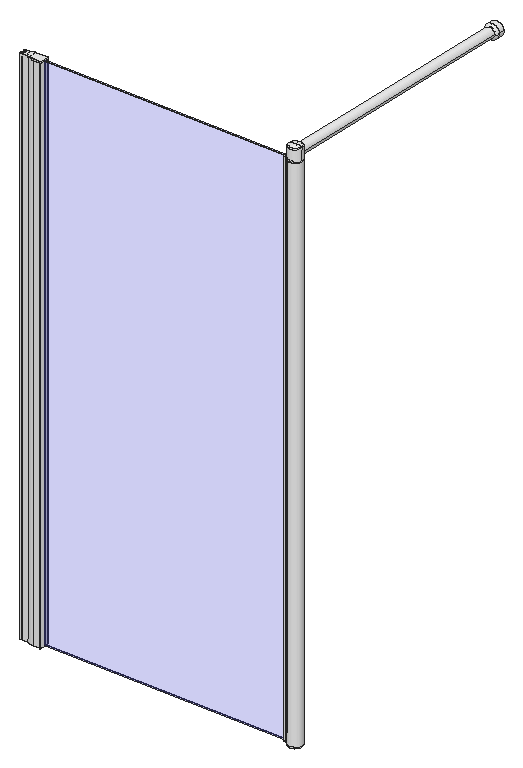
Revit family "FB2H", category Plumbing Fixtures, Revit 2015
Parameters (values of type "800")
  arm length = 740 mm
  URL = "http://www.sanswiss.com/"
  Type Comments = "WALK IN FUN"
  Seal = Seal
  Model = "FB2H"
  Manufacturer = "SanSwiss"
  Glass = Glass
  Chrome = Chrome - Polished
  Aluminium = Aluminum - Polished
  X = 800 mm
Types (4, lengths in mm): name | X
  (no name) | 800
  700 | 700
  800 | 800
  750 | 750
Reference planes
  plane 1 "Center (Front/Back)": y = 0
  plane 2: z = 0
  plane 3 "Center (Left/Right)": x = 0
  plane 4 "left": x = -800
  plane 5: z = 1965.5
  plane 6 "stabiliser": y = 30.169
  plane 7: x = -744.225
  plane 8: z = -534.5
Forms (mm)
  Sweep 1, solid, material "Chrome - Polished" <- "Chrome"
    path origin (0, 0, 0) x (1, 0, 0) y (0, 0, 1)
      loop
        line (0, 1500) -> (0, 1503)
    profile origin (0, 0, 1501.5) x (-1, 0, 0) y (0, -1, 0)
      loop
        circle (18.5, -30.175) r 15
      loop
        line (47.5, -33.964) -> (47.5, -26.375)
        arc (47.5, -26.375) -> (47.262, -25.801) -> (46.689, -25.563) r 0.811
        line (46.689, -25.563) -> (42.965, -25.563)
        arc (42.965, -25.563) -> (38.04, -24.266) -> (34.394, -20.711) r 9.996
        arc (34.394, -20.711) -> (0.064, -30.707) -> (34.869, -38.898) r 18.486
        arc (34.869, -38.898) -> (38.427, -35.862) -> (42.976, -34.775) r 10.007
        line (42.976, -34.775) -> (46.689, -34.775)
        arc (46.689, -34.775) -> (47.263, -34.537) -> (47.5, -33.964) r 0.811
  Sweep 2, solid, material "Aluminum - Polished" <- "Aluminium"
    path origin (0, 0, 0) x (1, 0, 0) y (0, 0, 1)
      loop
        line (-800, 0) -> (-800, 1500)
    profile origin (-800, 0, 750) x (-1, 0, 0) y (0, -1, 0)
      loop
        line (-63.975, -34.016) -> (-63.975, -41.416)
        arc (-63.975, -41.416) -> (-63.536, -42.477) -> (-62.475, -42.916) r 1.5
        line (-62.475, -42.916) -> (-28.801, -42.916)
        arc (-28.801, -42.916) -> (-26.457, -42.632) -> (-24.248, -41.797) r 9.817
        arc (-24.248, -41.797) -> (-24.058, -40.885) -> (-24.863, -40.416) r 0.796
        line (-24.863, -40.416) -> (-24.863, -22.416)
        arc (-24.863, -22.416) -> (-24.071, -21.973) -> (-24.146, -21.069) r 0.838
        arc (-24.146, -21.069) -> (-34.029, -16.855) -> (-44.675, -15.416) r 40.103
        line (-44.675, -15.416) -> (-62.475, -15.416)
        arc (-62.475, -15.416) -> (-63.536, -15.855) -> (-63.975, -16.916) r 1.5
        line (-63.975, -16.916) -> (-63.975, -27.216) -> (-55.775, -27.216) -> (-55.775, -34.016) -> (-63.975, -34.016)
  Sweep 3, solid, material "Chrome - Polished" <- "Chrome"
    path origin (0, 0, 0) x (1, 0, 0) y (0, 0, 1)
      loop
        line (-800, 1503) -> (-800, 1500)
    profile origin (-800, 0, 1501.5) x (0, -1, 0) y (1, 0, 0)
      loop
        line (-42.916, 62.475) -> (-42.916, 28.801)
        arc (-42.916, 28.801) -> (-42.189, 25.116) -> (-40.191, 21.935) r 10.321
        arc (-40.191, 21.935) -> (-30.297, 18.151) -> (-21.312, 23.763) r 11.888
        arc (-21.312, 23.763) -> (-16.918, 33.788) -> (-15.416, 44.63) r 39.876
        line (-15.416, 44.63) -> (-15.416, 62.475)
        arc (-15.416, 62.475) -> (-15.855, 63.536) -> (-16.916, 63.975) r 1.5
        line (-16.916, 63.975) -> (-27.039, 63.975) -> (-41.416, 63.975)
        arc (-41.416, 63.975) -> (-42.477, 63.536) -> (-42.916, 62.475) r 1.5
  Sweep 4, solid, material "Aluminum - Polished" <- "Aluminium"
    path origin (0, 0, 0) x (1, 0, 0) y (0, 0, 1)
      loop
        line (0, 1500) -> (0, 3)
    profile origin (0, 0, 751.5) x (0, -1, 0) y (1, 0, 0)
      loop
        arc (-34.781, -46.694) -> (-33.975, -47.5) -> (-33.17, -46.694) r 0.806
        line (-33.17, -46.694) -> (-33.781, -45.821) -> (-33.292, -45.122) -> (-33.781, -44.422) -> (-33.26, -43.801) -> (-33.781, -43.057) -> (-33.273, -42.451) -> (-33.795, -39.994) -> (-26.496, -39.994) -> (-27.17, -42.506) -> (-26.581, -43.095) -> (-27.055, -43.772) -> (-26.581, -44.449) -> (-27.042, -45.106) -> (-26.581, -45.764) -> (-27.17, -46.706)
        arc (-27.17, -46.706) -> (-26.37, -47.506) -> (-25.57, -46.706) r 0.8
        line (-25.57, -46.706) -> (-25.57, -42.97)
        arc (-25.57, -42.97) -> (-24.273, -38.046) -> (-20.718, -34.399) r 9.996
        arc (-20.718, -34.399) -> (-30.714, -0.069) -> (-38.904, -34.874) r 18.486
        arc (-38.904, -34.874) -> (-35.868, -38.432) -> (-34.781, -42.981) r 10.007
        line (-34.781, -42.981) -> (-34.781, -46.694)
  Sweep 5, solid, material "Chrome - Polished" <- "Chrome"
    path origin (0, 0, 0) x (1, 0, 0) y (0, 0, 1)
      loop
        line (0, 3) -> (0, 0)
    profile origin (0, 0, 1.5) x (0, -1, 0) y (1, 0, 0)
      loop
        circle (-30.169, -18.5) r 15.002
      loop
        arc (-38.898, -34.869) -> (-35.862, -38.427) -> (-34.775, -42.976) r 10.007
        line (-34.775, -42.976) -> (-34.775, -46.689)
        arc (-34.775, -46.689) -> (-34.537, -47.263) -> (-33.964, -47.5) r 0.811
        line (-33.964, -47.5) -> (-26.375, -47.5)
        arc (-26.375, -47.5) -> (-25.801, -47.262) -> (-25.563, -46.689) r 0.811
        line (-25.563, -46.689) -> (-25.563, -42.965)
        arc (-25.563, -42.965) -> (-24.266, -38.04) -> (-20.711, -34.394) r 9.996
        arc (-20.711, -34.394) -> (-30.707, -0.064) -> (-38.898, -34.869) r 18.486
  Extrusion 6, solid, material "Glass" <- "Glass"
    sketch origin (0, 7.616, 0) x (1, 0, 0) y (0, 1, 0)
      loop
        line (-42.892, 26) -> (-744.225, 26) -> (-744.225, 20) -> (-42.892, 20) -> (-42.892, 26)
    from 1.5 to 1500.5
  Sweep 7, solid, material "Aluminum - Polished" <- "Aluminium"
    path origin (0, 30.169, 0) x (-1, 0, 0) y (0, 0, 1)
      loop
        line (800, 1500) -> (800, 0)
    profile origin (-800, 30.169, 750) x (0, 1, 0) y (-1, 0, 0)
      loop
        arc (-7.753, -42.759) -> (-7.518, -43.565) -> (-6.887, -44.119) r 1.5
        line (-6.887, -44.119) -> (-4.753, -45.114) -> (-4.753, -42.8) -> (-6.253, -42.8) -> (-6.253, -2.8) -> (-4.853, -2.8)
        arc (-4.853, -2.8) -> (-3.773, -2.439) -> (-3.128, -1.5) r 1.795
        line (-3.128, -1.5) -> (5.683, -1.5)
        arc (5.683, -1.5) -> (6.291, -2.436) -> (7.347, -2.8) r 1.715
        line (7.347, -2.8) -> (8.747, -2.8) -> (8.747, -42.8) -> (7.247, -42.8) -> (7.247, -45.114) -> (9.492, -44.067)
        arc (9.492, -44.067) -> (10.044, -43.514) -> (10.247, -42.759) r 1.51
        line (10.247, -42.759) -> (10.247, 0.114) -> (7.147, -1.332) -> (7.147, 0) -> (-4.653, 0) -> (-4.653, -1.332) -> (-7.753, 0.114) -> (-7.753, -42.759)
  Sweep 8, solid, material "Chrome - Polished" <- "Chrome"
    path origin (0, 30.169, 0) x (-1, 0, 0) y (0, 0, 1)
      loop
        line (800, 1501.5) -> (800, 1500)
    profile origin (-800, 30.169, 1500.75) x (0, 1, 0) y (-1, 0, 0)
      loop
        line (-4.153, -0.259) -> (-6.753, -0.259)
        arc (-6.753, -0.259) -> (-7.46, -0.552) -> (-7.753, -1.259) r 1
        line (-7.753, -1.259) -> (-7.753, -27.88) -> (10.247, -27.88) -> (10.247, -1.259)
        arc (10.247, -1.259) -> (9.954, -0.552) -> (9.247, -0.259) r 1
        line (9.247, -0.259) -> (6.647, -0.259) -> (6.647, -7.459)
        arc (6.647, -7.459) -> (6.061, -8.873) -> (4.647, -9.459) r 2
        line (4.647, -9.459) -> (-2.153, -9.459)
        arc (-2.153, -9.459) -> (-3.568, -8.873) -> (-4.153, -7.459) r 2
        line (-4.153, -7.459) -> (-4.153, -0.259)
Dimensions and locks
  "X": plane 4 "left" to plane 3 "Center (Left/Right)"
  locked: plane 4 "left" to plane 7 at 55.775
  plane 5 to plane 8 = 2500 mm
  aligned and locked: level to plane 2
  aligned and locked: Extrusion 6 to plane 7
Automatic sketch dimensions
  Sweep 1 sketch curve to plane 3 "Center (Left/Right)" = 0 mm
  level to Sweep 1 sketch curve = 1500 mm
  Sweep 1 sketch curve to Sweep 1 sketch curve = 3 mm
  Sweep 2 sketch curve to plane 4 "left" = 0 mm
  Sweep 2 sketch curve to level = 0 mm
  level to Sweep 2 sketch curve = 1500 mm
  Sweep 3 sketch curve to plane 4 "left" = 0 mm
  level to Sweep 3 sketch curve = 1500 mm
  Sweep 3 sketch curve to Sweep 3 sketch curve = 3 mm
  Sweep 4 sketch curve to plane 3 "Center (Left/Right)" = 0 mm
  level to Sweep 4 sketch curve = 3 mm
  level to Sweep 4 sketch curve = 1500 mm
  Sweep 5 sketch curve to plane 3 "Center (Left/Right)" = 0 mm
  Sweep 5 sketch curve to level = 0 mm
  level to Sweep 5 sketch curve = 3 mm
  plane 4 "left" to Extrusion 6 sketch curve = 55.775 mm
  Extrusion 6 sketch curve to plane 1 "Center (Front/Back)" = 27.616 mm
  Extrusion 6 sketch curve to plane 3 "Center (Left/Right)" = 42.892 mm
  Extrusion 6 sketch curve to Extrusion 6 sketch curve = 6 mm
  Sweep 1 sketch curve to profile plane = 18.5 mm
  Sweep 1 sketch curve to Sweep 1 sketch curve = 0.044 mm
  Sweep 1 sketch curve to Sweep 1 sketch curve = 24.42 mm
  Sweep 1 sketch curve to plane 1 "Center (Front/Back)" = 15.567 mm
  Sweep 1 sketch curve to Sweep 1 sketch curve = 0.011 mm
  Sweep 1 sketch curve to Sweep 1 sketch curve = 3.724 mm
  Sweep 1 sketch curve to Sweep 1 sketch curve = 3.713 mm
  Sweep 1 sketch curve to Sweep 1 sketch curve = 0.811 mm
  Sweep 1 sketch curve to Sweep 1 sketch curve = 9.996 mm
  Sweep 1 sketch curve to plane 1 "Center (Front/Back)" = 30.175 mm
  Sweep 1 sketch curve to Sweep 1 sketch curve = 0.05 mm
  Sweep 1 sketch curve to Sweep 1 sketch curve = 7.589 mm
  Sweep 1 sketch curve to Sweep 1 sketch curve = 10.007 mm
  Sweep 1 sketch curve to Sweep 1 sketch curve = 8.107 mm
  Sweep 1 sketch curve to Sweep 1 sketch curve = 0 mm
  Sweep 5 sketch curve to plane 1 "Center (Front/Back)" = 44.782 mm
  Sweep 5 sketch curve to Sweep 5 sketch curve = 10.007 mm
  Sweep 5 sketch curve to Sweep 5 sketch curve = 0.811 mm  (x2)
  Sweep 5 sketch curve to plane 1 "Center (Front/Back)" = 30.225 mm
  Sweep 5 sketch curve to Sweep 5 sketch curve = 0.055 mm
  Sweep 5 sketch curve to Sweep 5 sketch curve = 7.589 mm
  Sweep 5 sketch curve to plane 1 "Center (Front/Back)" = 15.567 mm
  Sweep 5 sketch curve to Sweep 5 sketch curve = 3.713 mm
  Sweep 5 sketch curve to Sweep 5 sketch curve = 3.724 mm
  Sweep 5 sketch curve to Sweep 5 sketch curve = 0.013 mm
  profile plane to Sweep 5 sketch curve = 18.544 mm
  Sweep 5 sketch curve to Sweep 5 sketch curve = 0.044 mm
  Sweep 5 sketch curve to Sweep 5 sketch curve = 4.123 mm
  Sweep 5 sketch curve to Sweep 5 sketch curve = 0 mm
  Sweep 4 sketch curve to plane 1 "Center (Front/Back)" = 44.788 mm
  Sweep 4 sketch curve to Sweep 4 sketch curve = 10.007 mm
  Sweep 4 sketch curve to Sweep 4 sketch curve = 0.986 mm
  Sweep 4 sketch curve to Sweep 4 sketch curve = 1 mm  (x2)
  Sweep 4 sketch curve to Sweep 4 sketch curve = 0.194 mm
  Sweep 4 sketch curve to Sweep 4 sketch curve = 0.49 mm
  Sweep 4 sketch curve to Sweep 4 sketch curve = 0.509 mm
  Sweep 4 sketch curve to Sweep 4 sketch curve = 0.521 mm
  Sweep 4 sketch curve to Sweep 4 sketch curve = 3.564 mm
  Sweep 4 sketch curve to Sweep 4 sketch curve = 6.103 mm
  Sweep 4 sketch curve to Sweep 4 sketch curve = 0 mm
  Sweep 4 sketch curve to Sweep 4 sketch curve = 0.115 mm
  Sweep 4 sketch curve to Sweep 4 sketch curve = 0.013 mm  (x2)
  Sweep 4 sketch curve to Sweep 4 sketch curve = 0.474 mm
  Sweep 4 sketch curve to Sweep 4 sketch curve = 0.461 mm  (x2)
  Sweep 4 sketch curve to Sweep 4 sketch curve = 0.673 mm
  Sweep 4 sketch curve to Sweep 4 sketch curve = 1.011 mm
  Sweep 4 sketch curve to plane 1 "Center (Front/Back)" = 15.574 mm
  profile plane to Sweep 4 sketch curve = 46.706 mm
  Sweep 4 sketch curve to Sweep 4 sketch curve = 0.012 mm  (x2)
  Sweep 4 sketch curve to Sweep 4 sketch curve = 0.873 mm
  Sweep 4 sketch curve to Sweep 4 sketch curve = 0.942 mm
  Sweep 4 sketch curve to Sweep 4 sketch curve = 0.699 mm  (x2)
  Sweep 4 sketch curve to Sweep 4 sketch curve = 0.658 mm  (x2)
  Sweep 4 sketch curve to Sweep 4 sketch curve = 0.621 mm
  Sweep 4 sketch curve to Sweep 4 sketch curve = 0.677 mm  (x2)
  Sweep 4 sketch curve to Sweep 4 sketch curve = 0.744 mm
  Sweep 4 sketch curve to Sweep 4 sketch curve = 0.076 mm
  Sweep 4 sketch curve to Sweep 4 sketch curve = 3.736 mm
  Sweep 4 sketch curve to Sweep 4 sketch curve = 0.589 mm
  Sweep 4 sketch curve to Sweep 4 sketch curve = 0.606 mm
  Sweep 4 sketch curve to Sweep 4 sketch curve = 2.457 mm
  profile plane to Sweep 4 sketch curve = 18.549 mm
  Sweep 4 sketch curve to Sweep 4 sketch curve = 5.109 mm
  Sweep 4 sketch curve to Sweep 4 sketch curve = 0.806 mm
  Sweep 4 sketch curve to Sweep 4 sketch curve = 0.8 mm
  Sweep 3 sketch curve to plane 1 "Center (Front/Back)" = 55.293 mm
  Sweep 3 sketch curve to Sweep 3 sketch curve = 12.376 mm
  Sweep 3 sketch curve to Sweep 3 sketch curve = 1.5 mm  (x2)
  Sweep 3 sketch curve to Sweep 3 sketch curve = 10.32 mm
  Sweep 3 sketch curve to Sweep 3 sketch curve = 1.153 mm
  Sweep 3 sketch curve to Sweep 3 sketch curve = 14.377 mm
  Sweep 3 sketch curve to Sweep 3 sketch curve = 10.123 mm
  Sweep 3 sketch curve to profile plane = 28.922 mm
  Sweep 3 sketch curve to Sweep 3 sketch curve = 1.061 mm
  Sweep 3 sketch curve to Sweep 3 sketch curve = 14.646 mm
  Sweep 3 sketch curve to Sweep 3 sketch curve = 17.846 mm
  Sweep 3 sketch curve to Sweep 3 sketch curve = 2.725 mm
  Sweep 3 sketch curve to Sweep 3 sketch curve = 0 mm
  profile plane to Sweep 2 sketch curve = 63.975 mm
  Sweep 2 sketch curve to Sweep 2 sketch curve = 0 mm
  Sweep 2 sketch curve to Sweep 2 sketch curve = 1.5 mm  (x2)
  Sweep 2 sketch curve to Sweep 2 sketch curve = 8.2 mm
  Sweep 2 sketch curve to Sweep 2 sketch curve = 11.1 mm
  Sweep 2 sketch curve to Sweep 2 sketch curve = 15.874 mm
  Sweep 2 sketch curve to Sweep 2 sketch curve = 3.938 mm
  Sweep 2 sketch curve to Sweep 2 sketch curve = 0.051 mm
  Sweep 2 sketch curve to Sweep 2 sketch curve = 0.078 mm
  Sweep 2 sketch curve to plane 1 "Center (Front/Back)" = 55.519 mm
  Sweep 2 sketch curve to Sweep 2 sketch curve = 12.603 mm
  Sweep 2 sketch curve to Sweep 2 sketch curve = 1.708 mm
  Sweep 2 sketch curve to Sweep 2 sketch curve = 0.792 mm
  Sweep 2 sketch curve to Sweep 2 sketch curve = 7.4 mm
  Sweep 2 sketch curve to Sweep 2 sketch curve = 7.317 mm
  Sweep 2 sketch curve to Sweep 2 sketch curve = 6.8 mm
  Sweep 2 sketch curve to Sweep 2 sketch curve = 10.683 mm
  Sweep 2 sketch curve to Sweep 2 sketch curve = 0.837 mm
  Sweep 2 sketch curve to Sweep 2 sketch curve = 10.3 mm
  Sweep 7 sketch curve to level = 0 mm
  Sweep 7 sketch curve to plane 4 "left" = 0 mm
  Sweep 7 sketch curve to plane 5 = 465.5 mm
  Sweep 7 sketch curve to profile plane = 0.114 mm  (x2)
  Sweep 7 sketch curve to plane 6 "stabiliser" = 7.753 mm
  Sweep 7 sketch curve to Sweep 7 sketch curve = 0.866 mm
  Sweep 7 sketch curve to Sweep 7 sketch curve = 0.634 mm
  Sweep 7 sketch curve to Sweep 7 sketch curve = 0 mm  (x2)
  profile plane to Sweep 7 sketch curve = 2.8 mm  (x2)
  Sweep 7 sketch curve to Sweep 7 sketch curve = 1.4 mm
  Sweep 7 sketch curve to Sweep 7 sketch curve = 1.5 mm
  Sweep 7 sketch curve to Sweep 7 sketch curve = 0.2 mm  (x2)
  profile plane to Sweep 7 sketch curve = 1.5 mm
  Sweep 7 sketch curve to Sweep 7 sketch curve = 1.525 mm
  Sweep 7 sketch curve to Sweep 7 sketch curve = 8.811 mm
  Sweep 7 sketch curve to Sweep 7 sketch curve = 1.464 mm
  Sweep 7 sketch curve to Sweep 7 sketch curve = 12 mm
  Sweep 7 sketch curve to Sweep 7 sketch curve = 1.49 mm
  Sweep 7 sketch curve to Sweep 7 sketch curve = 0.01 mm
  Sweep 7 sketch curve to Sweep 7 sketch curve = 0.745 mm
  Sweep 7 sketch curve to Sweep 7 sketch curve = 3.1 mm
  Sweep 7 sketch curve to Sweep 7 sketch curve = 39.959 mm
  Sweep 7 sketch curve to Sweep 7 sketch curve = 0.041 mm  (x2)
  Sweep 7 sketch curve to Sweep 7 sketch curve = 2.314 mm  (x2)
  Sweep 7 sketch curve to Sweep 7 sketch curve = 0.246 mm
  Sweep 7 sketch curve to Sweep 7 sketch curve = 0.326 mm
  Sweep 7 sketch curve to Sweep 7 sketch curve = 1.005 mm
  Sweep 8 sketch curve to plane 4 "left" = 0 mm
  Sweep 8 sketch curve to plane 5 = 465.5 mm
  Sweep 8 sketch curve to Sweep 8 sketch curve = 1.5 mm
  Sweep 8 sketch curve to plane 6 "stabiliser" = 7.753 mm
  Sweep 8 sketch curve to Sweep 8 sketch curve = 1 mm  (x2)
  Sweep 8 sketch curve to Sweep 8 sketch curve = 2.6 mm  (x2)
  Sweep 8 sketch curve to Sweep 8 sketch curve = 2 mm  (x2)
  Sweep 8 sketch curve to Sweep 8 sketch curve = 6.8 mm
  profile plane to Sweep 8 sketch curve = 27.88 mm
  Sweep 8 sketch curve to Sweep 8 sketch curve = 18.421 mm
  Sweep 8 sketch curve to Sweep 8 sketch curve = 6.2 mm  (x2)
  radius of Sweep 1 sketch curve = 15 mm
  radius of Sweep 5 sketch curve = 15.002 mm
Nested families
  nested 1: "stabiliser" at (4.293, 10, -499.611), length <- "arm length", type "stabiliser"
    with length 740 mm
Definition of nested family "stabiliser"
  Parameters (values of type "stabiliser")
    Chrome = none
    Aluminium = none
    length [instance] = 900 mm
    URL = "http://www.sanswiss.com/"
    Type Comments = ""
    Model = ""
    Manufacturer = "SanSwiss"
  Reference planes
    plane 1 "Center (Front/Back)": y = 0
    plane 2: z = 0
    plane 3 "Center (Left/Right)": x = 0
    plane 4 "Back": y = 900
    plane 5 "Left": x = -1200
    plane 6 "bar back": y = 875
    plane 7 "stabiliser axis": z = 2018.156
    plane 8 "sttt": y = 20.175
  Forms (mm)
    Revolve 1, solid, material <- "Chrome"
      sketch origin (0, 0, 2018.156) x (0, -1, 0) y (1, 0, 0)
        loop
          line (-900, -22.663) -> (-875, -22.663) -> (-875, -7.833)
          arc (-875, -7.833) -> (-878.58, -4.435) -> (-883.359, -3.2) r 9.857
          line (-883.359, -3.2) -> (-900, -3.2) -> (-900, -22.663)
        axis (-875, -22.663) -> (-900, -22.663)
      angle from 0 to 360
    Extrusion 2, solid, material <- "Aluminium"
      sketch origin (0, 346, 0) x (1, 0, 0) y (0, 0, 1)
        loop
          circle (-22.619, 2018.156) r 13.658
      from -529 to 321.225
    Revolve 3, solid, material <- "Chrome"
      sketch origin (-45.162, 20.175, 0.011) x (-1, 0, 0) y (0, 0, 1)
        loop
          line (-22.619, 2002.6) -> (-4.119, 2002.6) -> (-4.119, 2033.679)
          arc (-4.119, 2033.679) -> (-4.481, 2034.825) -> (-5.434, 2035.557) r 1.999
          arc (-5.434, 2035.557) -> (-13.894, 2037.811) -> (-22.619, 2038.537) r 49.432
          line (-22.619, 2038.537) -> (-22.619, 2002.6)
        axis (-22.619, 2038.537) -> (-22.619, 2002.6)
      angle from 0 to 360
    Extrusion 4, void
      sketch origin (900, 0, 0) x (0, 1, 0) y (0, 0, 1)
        loop
          arc (38.658, 2032.768) -> (32.697, 2019.083) -> (38.658, 2005.399) r 18.688
          line (38.658, 2005.399) -> (38.658, 2032.768)
      from -1950 to 10
  Cuts and joins
    Extrusion 4 cuts Revolve 3
  Dimensions and locks
    "length": plane 4 "Back" to plane 1 "Center (Front/Back)"
    locked: plane 4 "Back" to plane 6 "bar back" at 25
    aligned and locked: level to plane 2
    aligned and locked: Extrusion 2 to plane 6 "bar back"
  Automatic sketch dimensions
    Revolve 1 sketch curve to plane 4 "Back" = 0 mm  (x2)
    plane 6 "bar back" to Revolve 1 sketch curve = 0 mm  (x2)
    Revolve 1 sketch curve to plane 3 "Center (Left/Right)" = 3.2 mm
    Revolve 1 sketch curve to plane 6 "bar back" = 8.359 mm
    Revolve 1 sketch curve to plane 3 "Center (Left/Right)" = 7.833 mm
    Revolve 1 sketch curve to Revolve 1 sketch curve = 9.607 mm
    Revolve 1 sketch curve to Revolve 1 sketch curve = 0 mm
    Extrusion 2 sketch curve to plane 7 "stabiliser axis" = 0 mm
    Extrusion 2 sketch curve to plane 3 "Center (Left/Right)" = 22.619 mm
    Revolve 3 sketch curve to plane 3 "Center (Left/Right)" = 22.543 mm
    Revolve 3 sketch curve to Revolve 3 sketch curve = 0.278 mm
    Revolve 3 sketch curve to plane 3 "Center (Left/Right)" = 39.044 mm
    Revolve 3 sketch curve to plane 3 "Center (Left/Right)" = 41.043 mm
    Revolve 3 sketch curve to plane 7 "stabiliser axis" = 29.039 mm
    Revolve 3 sketch curve to Revolve 3 sketch curve = 13.494 mm
    plane 7 "stabiliser axis" to Revolve 3 sketch curve = 15.534 mm
    Revolve 3 sketch curve to Revolve 3 sketch curve = 4.858 mm
    Revolve 3 sketch curve to Revolve 3 sketch curve = 0 mm  (x3)
    plane 7 "stabiliser axis" to Extrusion 4 sketch curve = 0.927 mm
    plane 8 "sttt" to Extrusion 4 sketch curve = 31.21 mm
    plane 8 "sttt" to Extrusion 4 sketch curve = 18.483 mm
    Extrusion 4 sketch curve to plane 7 "stabiliser axis" = 12.757 mm
    radius of Extrusion 2 sketch curve = 13.658 mm
